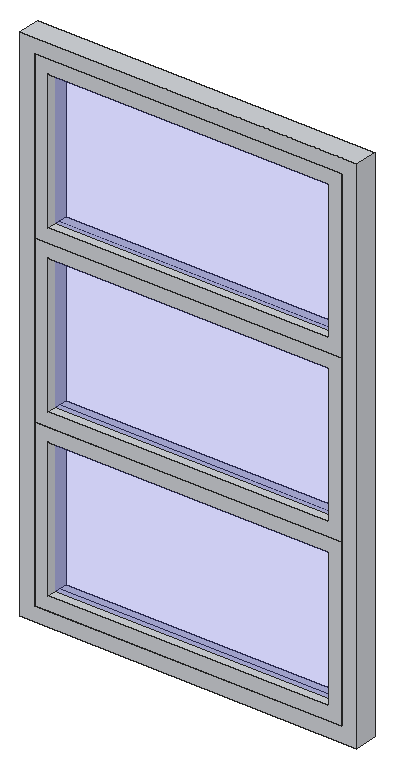
Revit family "Janela pivotante horizontal - 3 Painéis", category Janelas, Revit 2019
Family settings
  Hospedeiro = Parede
  Número OmniClass = 23.30.20.00
  Título OmniClass = Windows
  Sempre na vertical = Sim
  Corte com vazios quando carregada = Não
  Compartilhado = Não
  Ponto de cálculo do ambiente = Não
Parameters
  Visual Light Transmittance = 0.9
  Solar Heat Gain Coefficient = 0.78
  Rough Width = Width  # 900 mm
  Rough Height = Height  # 1400 mm
  Largura da moldura do painel = 35 mm
  ID do tipo de construção = ""
  Height = 1400 mm
  Coeficiente de transferência de calor (U) = 3.6886 W/(m²·K)
  Vidro = none
  Largura da estrutura = 40 mm
  Espessura da moldura = 60 mm
  Material da moldura = none
  Altura-padrão do peitoril = 650 mm
  Fechamento da parede = Por hospedeiro
  Width = 900 mm
  Construção analítica = Vidraça única Pilkington 1/8 pol
Reference planes
  plane 1 "Centro (Frente/Trás)": y = 0
  plane 2 "Centro (Esquerda/Direita)": x = 0
  plane 3 "Esquerda": x = -450
  plane 4 "Direita": x = 450
  plane 5 "Peitoril": z = 650
  plane 6 "Extremidade superior": z = 2050
  plane 7 "Exterior": y = 100
  plane 8 "Interior": y = -100
  plane 9: z = 0
  plane 10: x = 410
  plane 11: z = 2010
  plane 12: x = -410
  plane 13: z = 1350
  plane 14: z = 690
  plane 15: z = 1570
  plane 16: z = 1130
  plane 17: z = 1975
  plane 18: x = -375
  plane 19: z = 725
  plane 20: x = 375
  plane 21: z = 1605
  plane 22: z = 1535
  plane 23: z = 1165
  plane 24: z = 1095
  plane 25: z = 1790
  plane 26: z = 910
  plane 27: z = 2000
  plane 28: x = 400
  plane 29: x = -400
  plane 30: z = 699.758
  plane 31: z = 1066.667
  plane 32: z = 1533.333
  plane 33: z = 1633.333
  plane 34: z = 1583.333
  plane 35: z = 1116.667
  plane 36: z = 1166.667
  plane 37: z = 1816.667
  plane 38: z = 1523.486
  plane 39: z = 883.333
  plane 40 "Vidro": y = -70
  plane 41: y = -40
  plane 42: x = -415
  plane 43: x = 415
  plane 44: z = 2015
  plane 45: z = 1618.333
  plane 46: z = 1548.333
  plane 47: z = 685
  plane 48: z = 1151.667
  plane 49: z = 1081.667
Forms (mm)
  Extrusion 1, solid, material <- "Material da moldura", detail levels medium
    sketch origin (0, -100, 0) x (1, 0, 0) y (0, 0, -1)
      loop
        line (450, -2050) -> (450, -1583.333) -> (-450, -1583.333) -> (-450, -2050) -> (450, -2050)
      loop
        line (415, -1618.333) -> (-415, -1618.333) -> (-415, -2015) -> (415, -2015) -> (415, -1618.333)
    from 0 to 60
  Extrusion 2, solid, material <- "Vidro", detail levels medium
    sketch origin (-562.225, -70, 1800) x (-1, 0, 0) y (0, 0, -1)
      loop
        line (-147.225, 718.333) -> (-147.225, 1115) -> (-977.225, 1115) -> (-977.225, 718.333) -> (-147.225, 718.333)
      loop
        line (-977.225, 648.333) -> (-977.225, 251.667) -> (-147.225, 251.667) -> (-147.225, 648.333) -> (-977.225, 648.333)
      loop
        line (-977.225, 181.667) -> (-977.225, -215) -> (-147.225, -215) -> (-147.225, 181.667) -> (-977.225, 181.667)
    from -7 to 7
  Extrusion 3, solid, material <- "Material da moldura", detail levels fine
    sketch origin (0, 100, 0) x (1, 0, 0) y (0, 0, -1)
      loop
        line (-410, -2010) -> (410, -2010) -> (410, -1570) -> (-410, -1570) -> (-410, -2010)
      loop
        line (-375, -1975) -> (375, -1975) -> (375, -1605) -> (-375, -1605) -> (-375, -1975)
    from -200 to -140
  Extrusion 4, solid, material <- "Vidro", detail levels fine
    sketch origin (-562.225, -70, 1800) x (-1, 0, 0) y (0, 0, -1)
      loop
        line (-937.225, -175) -> (-187.225, -175) -> (-187.225, 195) -> (-937.225, 195) -> (-937.225, -175)
      loop
        line (-937.225, 265) -> (-187.225, 265) -> (-187.225, 635) -> (-937.225, 635) -> (-937.225, 265)
      loop
        line (-937.225, 705) -> (-187.225, 705) -> (-187.225, 1075) -> (-937.225, 1075) -> (-937.225, 705)
    from -7 to 7
  Extrusion 5, solid, material <- "Material da moldura", detail levels medium
    sketch origin (0, -100, 0) x (1, 0, 0) y (0, 0, -1)
      loop
        line (450, -1583.333) -> (450, -1116.667) -> (-450, -1116.667) -> (-450, -1583.333) -> (450, -1583.333)
      loop
        line (415, -1548.333) -> (415, -1151.667) -> (-415, -1151.667) -> (-415, -1548.333) -> (415, -1548.333)
    from 0 to 60
  Extrusion 6, solid, material <- "Material da moldura", detail levels fine
    sketch origin (0, 100, 0) x (1, 0, 0) y (0, 0, -1)
      loop
        line (-410, -1570) -> (410, -1570) -> (410, -1130) -> (-410, -1130) -> (-410, -1570)
      loop
        line (-375, -1535) -> (375, -1535) -> (375, -1165) -> (-375, -1165) -> (-375, -1535)
    from -200 to -140
  Extrusion 7, solid, material <- "Material da moldura", detail levels fine
    sketch origin (0, -100, 0) x (1, 0, 0) y (0, 0, -1)
      loop
        line (450, -2050) -> (450, -650) -> (-450, -650) -> (-450, -2050) -> (450, -2050)
      loop
        line (-410, -2010) -> (410, -2010) -> (410, -690) -> (-410, -690) -> (-410, -2010)
    from 0 to 60
  Extrusion 8, solid, material <- "Material da moldura", detail levels fine
    sketch origin (0, -100, 0) x (1, 0, 0) y (0, 0, -1)
      loop
        line (410, -1130) -> (410, -690) -> (-410, -690) -> (-410, -1130) -> (410, -1130)
      loop
        line (375, -1095) -> (375, -725) -> (-375, -725) -> (-375, -1095) -> (375, -1095)
    from 0 to 60
  Extrusion 9, solid, material <- "Material da moldura", detail levels medium
    sketch origin (0, -100, 0) x (1, 0, 0) y (0, 0, -1)
      loop
        line (450, -1116.667) -> (450, -650) -> (-450, -650) -> (-450, -1116.667) -> (450, -1116.667)
      loop
        line (415, -1081.667) -> (415, -685) -> (-415, -685) -> (-415, -1081.667) -> (415, -1081.667)
    from 0 to 60
  Extrusion 10, solid, material <- "Vidro", detail levels coarse
    sketch origin (-562.225, -70, 1800) x (-1, 0, 0) y (0, 0, -1)
      loop
        line (-147.225, 1115) -> (-977.225, 1115) -> (-977.225, 700.833) -> (-147.225, 700.833) -> (-147.225, 1115)
      loop
        line (-977.225, 234.167) -> (-147.225, 234.167) -> (-147.225, 665.833) -> (-977.225, 665.833) -> (-977.225, 234.167)
      loop
        line (-977.225, -215) -> (-147.225, -215) -> (-147.225, 199.167) -> (-977.225, 199.167) -> (-977.225, -215)
    from -7 to 7
  Extrusion 11, solid, material <- "Material da moldura", detail levels coarse
    sketch origin (0, 100, 0) x (1, 0, 0) y (0, 0, 1)
      loop
        line (450, 2050) -> (-450, 2050) -> (-450, 650) -> (450, 650) -> (450, 2050)
      loop
        line (-415, 2015) -> (-415, 1600.833) -> (415, 1600.833) -> (415, 2015) -> (-415, 2015)
      loop
        line (415, 685) -> (415, 1099.167) -> (-415, 1099.167) -> (-415, 685) -> (415, 685)
      loop
        line (415, 1565.833) -> (-415, 1565.833) -> (-415, 1134.167) -> (415, 1134.167) -> (415, 1565.833)
    from 140 to 200
Lines and regions (mm)
  Opening 1
    outline origin (3500, -100, 0) x (1, 0, 0) y (0, 0, 1)
      loop
        line (-3050, 650) -> (-3050, 2050) -> (-3950, 2050) -> (-3950, 650) -> (-3050, 650)
  symbolic lines, style "Giro da elevação", detail levels fine
    curve 1: line (0, 100, 2010) -> (410, 100, 1790)
    curve 2: line (410, 100, 1790) -> (0, 100, 1570)
    curve 3: line (0, 100, 1570) -> (-410, 100, 1790)
    curve 4: line (-410, 100, 1790) -> (0, 100, 2010)
    curve 5: line (0, 100, 1130) -> (410, 100, 1350)
    curve 6: line (410, 100, 1350) -> (0, 100, 1570)
    curve 7: line (0, 100, 1570) -> (-410, 100, 1350)
    curve 8: line (-410, 100, 1350) -> (0, 100, 1130)
    curve 9: line (0, 100, 1130) -> (410, 100, 910)
    curve 10: line (410, 100, 910) -> (0, 100, 690)
    curve 11: line (0, 100, 690) -> (-410, 100, 910)
    curve 12: line (-410, 100, 910) -> (0, 100, 1130)
  symbolic lines, style "Giro da elevação", detail levels coarse+medium
    curve 13: line (450, 100, 883.333) -> (0, 100, 1116.667)
    curve 14: line (-450, 100, 883.333) -> (0, 100, 1116.667)
    curve 15: line (450, 100, 883.333) -> (0, 100, 650)
    curve 16: line (-450, 100, 883.333) -> (0, 100, 650)
    curve 17: line (450, 100, 1350) -> (0, 100, 1116.667)
    curve 18: line (-450, 100, 1350) -> (0, 100, 1116.667)
    curve 19: line (450, 100, 1350) -> (0, 100, 1583.333)
    curve 20: line (-450, 100, 1350) -> (0, 100, 1583.333)
    curve 21: line (450, 100, 1816.667) -> (0, 100, 2050)
    curve 22: line (-450, 100, 1816.667) -> (0, 100, 2050)
    curve 23: line (450, 100, 1816.667) -> (0, 100, 1583.333)
    curve 24: line (-450, 100, 1816.667) -> (0, 100, 1583.333)
  symbolic lines, style "Giro da planta", detail levels coarse+medium
    curve 25: arc (450, -70, 1583.333) -> (450, 28.611, 1605.195) -> (450, 108.744, 1666.683) r 233.333
    curve 27: arc (450, -70, 1583.333) -> (450, -168.611, 1561.472) -> (450, -248.744, 1499.984) r 233.333
    curve 29: arc (450, -70, 1116.667) -> (450, 28.611, 1138.528) -> (450, 108.744, 1200.016) r 233.333
    curve 31: arc (450, -70, 650) -> (450, 28.611, 671.862) -> (450, 108.744, 733.35) r 233.333
    curve 33: arc (450, -70, 1116.667) -> (450, -168.611, 1094.805) -> (450, -248.744, 1033.317) r 233.333
    curve 36: arc (450, -70, 2050) -> (450, -168.611, 2028.138) -> (450, -248.744, 1966.65) r 233.333
  symbolic lines, style "Caixilho", detail levels coarse+medium
    curve 26: line (450, -70, 1816.667) -> (450, 108.744, 1666.683)
    curve 28: line (450, -70, 1350) -> (450, -248.744, 1499.984)
    curve 30: line (450, -70, 1350) -> (450, 108.744, 1200.016)
    curve 32: line (450, -70, 883.333) -> (450, 108.744, 733.35)
    curve 34: line (450, -70, 883.333) -> (450, -248.744, 1033.317)
    curve 35: line (450, -70, 1816.667) -> (450, -248.744, 1966.65)
  symbolic lines, style "Caixilho", detail levels fine
    curve 37: line (450, -70, 1790) -> (450, 98.53, 1648.587)
    curve 39: line (450, -70, 1790) -> (450, -238.53, 1931.413)
    curve 41: line (450, -70, 1350) -> (450, -238.53, 1491.413)
    curve 43: line (450, -70, 1350) -> (450, 98.53, 1208.587)
    curve 45: line (450, -70, 910) -> (450, 98.53, 768.587)
    curve 47: line (450, -70, 910) -> (450, -238.53, 1051.413)
  symbolic lines, style "Giro da planta", detail levels fine
    curve 38: arc (450, -70, 1570) -> (450, 22.976, 1590.612) -> (450, 98.53, 1648.587) r 220
    curve 40: arc (450, -70, 2010) -> (450, -162.976, 1989.388) -> (450, -238.53, 1931.413) r 220
    curve 42: arc (450, -70, 1570) -> (450, -162.976, 1549.388) -> (450, -238.53, 1491.413) r 220
    curve 44: arc (450, -70, 1130) -> (450, 22.976, 1150.612) -> (450, 98.53, 1208.587) r 220
    curve 46: arc (450, -70, 690) -> (450, 22.976, 710.612) -> (450, 98.53, 768.587) r 220
    curve 48: arc (450, -70, 1130) -> (450, -162.976, 1109.388) -> (450, -238.53, 1051.413) r 220
  symbolic lines, style "WindowsGlassProjection", detail levels coarse
    curve 49: line (-415, -70, 0) -> (415, -70, 0)
    curve 50: line (-450, -70, 2015) -> (-450, -70, 1618.333)
    curve 51: line (-450, -70, 1151.667) -> (-450, -70, 1548.333)
    curve 52: line (-450, -70, 1081.667) -> (-450, -70, 685)
Text (mm)
  text "EXTERIOR" at (-1963.203, 1332.353, 0), in view "Nível de referência"
  text "INTERIOR" at (-1981.466, -818.386, 0), in view "Nível de referência"
  text "Externo" at (0, 923.751, 2943.296), in view "Direita"
  text "Externo" at (0, 1040.484, 2685.409), in view "Esquerda"
Dimensions and locks
  equal spacing: plane 3 "Esquerda", plane 2 "Centro (Esquerda/Direita)", plane 4 "Direita"
  "Width": plane 3 "Esquerda" to plane 4 "Direita"
  "Height": plane 5 "Peitoril" to plane 6 "Extremidade superior"
  "Altura-padrão do peitoril": plane 5 "Peitoril" to level
  locked: plane 7 "Exterior" to host wall at 0
  locked: plane 8 "Interior" to host wall
  "Largura da estrutura": plane 10 to plane 4 "Direita"
  "Largura da moldura do painel": plane 20 to plane 10
  "Largura da moldura do painel": plane 18 to plane 12
  "Largura da estrutura": plane 12 to plane 3 "Esquerda"
  "Largura da estrutura": plane 11 to plane 6 "Extremidade superior"
  "Largura da estrutura": plane 5 "Peitoril" to plane 14
  "Largura da moldura do painel": plane 14 to plane 19
  equal spacing: plane 15, plane 25, plane 11
  equal spacing: plane 16, plane 13, plane 15
  equal spacing: plane 14, plane 26, plane 16
  equal spacing: plane 14, plane 16, plane 15, plane 11
  plane 28 to plane 4 "Direita" = 50 mm
  plane 3 "Esquerda" to plane 29 = 50 mm
  "Largura da moldura do painel": plane 17 to plane 11
  equal spacing: plane 22, plane 15, plane 21
  "Largura da moldura do painel": plane 15 to plane 21
  equal spacing: plane 24, plane 16, plane 23
  "Largura da moldura do painel": plane 16 to plane 23
  locked: plane 14 to plane 30 at 9.758
  locked: plane 27 to plane 11 at 10
  equal spacing: plane 5 "Peitoril", plane 35, plane 34, plane 6 "Extremidade superior"
  plane 31 to plane 35 = 50 mm
  plane 35 to plane 36 = 50 mm
  locked: plane 32 to plane 34 at 50
  locked: plane 34 to plane 33 at 50
  equal spacing: plane 34, plane 37, plane 6 "Extremidade superior"
  equal spacing: plane 5 "Peitoril", plane 39, plane 35
  "Espessura da moldura": plane 8 "Interior" to plane 41
  equal spacing: plane 8 "Interior", plane 40 "Vidro", plane 41
  "Largura da moldura do painel": plane 3 "Esquerda" to plane 42
  "Largura da moldura do painel": plane 43 to plane 4 "Direita"
  "Largura da moldura do painel": plane 44 to plane 6 "Extremidade superior"
  "Largura da moldura do painel": plane 34 to plane 45
  equal spacing: plane 46, plane 34, plane 45
  "Largura da moldura do painel": plane 5 "Peitoril" to plane 47
  "Largura da moldura do painel": plane 35 to plane 48
  equal spacing: plane 49, plane 35, plane 48
  equal spacing: Extrusion 11 sketch curve, Extrusion 5, Extrusion 11 sketch curve
  "Largura da moldura do painel": Extrusion 11 sketch curve to Extrusion 11 sketch curve  (x2)
  equal spacing: Extrusion 11 sketch curve, plane 35, Extrusion 11 sketch curve
  locked: plane 40 "Vidro" to curve 26 (angle 50.00°)
  locked: plane 40 "Vidro" to curve 35 (angle 50.00°)
  locked: plane 40 "Vidro" to curve 30 (angle 50.00°)
  locked: plane 40 "Vidro" to curve 28 (angle 50.00°)
  locked: plane 40 "Vidro" to curve 32 (angle 50.00°)
  locked: plane 40 "Vidro" to curve 34 (angle 50.00°)
  angle plane 40 "Vidro" to curve 37 = 50.00°
  locked: plane 40 "Vidro" to curve 39 (angle 50.00°)
  locked: plane 40 "Vidro" to curve 41 (angle 50.00°)
  locked: plane 40 "Vidro" to curve 43 (angle 50.00°)
  locked: plane 40 "Vidro" to curve 47 (angle 50.00°)
  locked: plane 40 "Vidro" to curve 45 (angle 50.00°)
  aligned and locked: level to plane 9
  aligned and locked: plane 40 "Vidro" to curve 26
  aligned and locked: plane 37 to curve 35
  aligned and locked: plane 25 to curve 37
  aligned and locked: plane 40 "Vidro" to curve 37
  aligned and locked: plane 40 "Vidro" to curve 49
  aligned and locked: curve 52 to plane 40 "Vidro"
  aligned and locked: plane 40 "Vidro" to curve 51
  aligned and locked: curve 50 to plane 40 "Vidro"
  aligned and locked: plane 8 "Interior" to Extrusion 7
  aligned and locked: Extrusion 1 to plane 41
  aligned and locked: plane 8 "Interior" to Extrusion 1
  aligned and locked: Extrusion 3 to plane 41
  aligned and locked: plane 8 "Interior" to Extrusion 3
  aligned and locked: Extrusion 5 to plane 41
  aligned and locked: plane 8 "Interior" to Extrusion 5
  aligned and locked: Extrusion 6 to plane 41
  aligned and locked: plane 8 "Interior" to Extrusion 6
  aligned and locked: Extrusion 8 to plane 41
  aligned and locked: Extrusion 9 to plane 41
  aligned and locked: Extrusion 7 to plane 41
  aligned and locked: plane 41 to Extrusion 1
  aligned and locked: plane 41 to Extrusion 5
  aligned and locked: plane 8 "Interior" to Extrusion 9
  aligned and locked: Extrusion 5 sketch curve to plane 43
  aligned and locked: plane 42 to Extrusion 5 sketch curve
  aligned and locked: Extrusion 9 sketch curve to plane 43
  aligned and locked: plane 42 to Extrusion 9 sketch curve
  aligned and locked: plane 41 to Extrusion 6
  aligned and locked: plane 8 "Interior" to Extrusion 8
  aligned and locked: plane 41 to Extrusion 8
  aligned and locked: Extrusion 8 to plane 8 "Interior"
  aligned and locked: plane 45 to Extrusion 1 sketch curve
  aligned and locked: Extrusion 1 sketch curve to plane 44
  aligned and locked: Extrusion 5 sketch curve to plane 34
  aligned and locked: plane 46 to Extrusion 5 sketch curve
  aligned and locked: plane 35 to Extrusion 5 sketch curve
  aligned and locked: Extrusion 5 sketch curve to plane 48
  aligned and locked: plane 49 to Extrusion 9 sketch curve
  aligned and locked: Extrusion 9 sketch curve to plane 35
  aligned and locked: Extrusion 9 sketch curve to plane 5 "Peitoril"
  aligned and locked: Extrusion 9 sketch curve to plane 47
  aligned and locked: curve 49 to Extrusion 5
  aligned and locked: Extrusion 1 to curve 49
  aligned and locked: Extrusion 2 to Extrusion 5
  aligned and locked: plane 43 to Extrusion 2 sketch curve  (x2)
  aligned and locked: Extrusion 2 sketch curve to Extrusion 9  (x2)
  aligned and locked: Extrusion 2 sketch curve to plane 42  (x3)
  aligned and locked: Extrusion 2 sketch curve to plane 47
  aligned and locked: plane 44 to Extrusion 2 sketch curve
  aligned and locked: plane 43 to Extrusion 10 sketch curve  (x3)
  aligned and locked: plane 44 to Extrusion 10 sketch curve
  aligned and locked: Extrusion 10 sketch curve to plane 42  (x3)
  aligned and locked: Extrusion 10 sketch curve to plane 47
  aligned and locked: plane 44 to curve 50
  aligned and locked: plane 47 to curve 52
  aligned and locked: curve 51 to Extrusion 5
  aligned and locked: Extrusion 5 to curve 51
  aligned and locked: curve 50 to Extrusion 1
  aligned and locked: Extrusion 9 to curve 52
  aligned and locked: plane 42 to Extrusion 1 sketch curve
  aligned and locked: Extrusion 11 sketch curve to Extrusion 1  (x5)
  aligned and locked: Extrusion 11 sketch curve to Extrusion 9  (x4)
  aligned and locked: Extrusion 11 sketch curve to Extrusion 5  (x2)
  aligned and locked: Extrusion 11 to plane 41
  aligned and locked: host wall to Extrusion 11
  aligned and locked: Extrusion 10 sketch curve to Extrusion 11  (x4)
  aligned and locked: Extrusion 1 sketch curve to plane 43
  aligned and locked: Extrusion 2 sketch curve to Extrusion 1
  aligned and locked: Extrusion 2 sketch curve to Extrusion 5  (x2)
  aligned and locked: Extrusion 11 sketch curve to plane 43
Automatic sketch dimensions
  plane 3 "Esquerda" to Opening 1 sketch curve = 0 mm
  plane 4 "Direita" to Opening 1 sketch curve = 0 mm
  Opening 1 sketch curve to plane 5 "Peitoril" = 0 mm
  Opening 1 sketch curve to plane 6 "Extremidade superior" = 0 mm
  plane 3 "Esquerda" to curve 18 = 0 mm
  plane 3 "Esquerda" to curve 24 = 0 mm
  plane 3 "Esquerda" to curve 14 = 0 mm
  curve 4 to plane 12 = 0 mm
  curve 11 to plane 12 = 0 mm
  curve 8 to plane 12 = 0 mm
  plane 2 "Centro (Esquerda/Direita)" to curve 7 = 0 mm
  plane 2 "Centro (Esquerda/Direita)" to curve 22 = 0 mm
  plane 2 "Centro (Esquerda/Direita)" to curve 5 = 0 mm
  plane 2 "Centro (Esquerda/Direita)" to curve 20 = 0 mm
  plane 2 "Centro (Esquerda/Direita)" to curve 10 = 0 mm
  plane 2 "Centro (Esquerda/Direita)" to curve 4 = 0 mm
  plane 2 "Centro (Esquerda/Direita)" to curve 13 = 0 mm
  plane 2 "Centro (Esquerda/Direita)" to curve 15 = 0 mm
  plane 10 to curve 6 = 0 mm
  plane 10 to curve 2 = 0 mm
  plane 10 to curve 10 = 0 mm
  plane 4 "Direita" to curve 15 = 0 mm
  plane 4 "Direita" to curve 23 = 0 mm
  plane 4 "Direita" to curve 17 = 0 mm
  curve 16 to plane 5 "Peitoril" = 0 mm
  curve 11 to plane 14 = 0 mm
  curve 14 to plane 39 = 0 mm
  curve 15 to plane 39 = 0 mm
  curve 12 to plane 26 = 0 mm
  curve 10 to plane 26 = 0 mm
  curve 18 to plane 35 = 0 mm
  curve 8 to plane 16 = 0 mm
  curve 19 to plane 13 = 0 mm
  curve 18 to plane 13 = 0 mm
  curve 8 to plane 13 = 0 mm
  curve 6 to plane 13 = 0 mm
  curve 2 to plane 15 = 0 mm
  curve 20 to plane 34 = 0 mm
  curve 4 to plane 25 = 0 mm
  curve 2 to plane 25 = 0 mm
  curve 24 to plane 37 = 0 mm
  curve 21 to plane 37 = 0 mm
  curve 4 to plane 11 = 0 mm
  curve 21 to plane 6 "Extremidade superior" = 0 mm
  plane 3 "Esquerda" to Extrusion 1 sketch curve = 0 mm
  plane 4 "Direita" to Extrusion 1 sketch curve = 0 mm
  Extrusion 1 sketch curve to plane 6 "Extremidade superior" = 0 mm
  Extrusion 1 sketch curve to plane 34 = 0 mm
  Extrusion 3 sketch curve to plane 12 = 0 mm
  Extrusion 3 sketch curve to plane 17 = 0 mm
  Extrusion 3 sketch curve to plane 18 = 0 mm
  plane 20 to Extrusion 3 sketch curve = 0 mm
  plane 10 to Extrusion 3 sketch curve = 0 mm
  Extrusion 3 sketch curve to plane 11 = 0 mm
  Extrusion 3 sketch curve to plane 21 = 0 mm
  Extrusion 3 sketch curve to plane 15 = 0 mm
  plane 3 "Esquerda" to Extrusion 5 sketch curve = 0 mm
  plane 4 "Direita" to Extrusion 5 sketch curve = 0 mm
  Extrusion 6 sketch curve to plane 12 = 0 mm
  Extrusion 6 sketch curve to plane 18 = 0 mm
  plane 20 to Extrusion 6 sketch curve = 0 mm
  plane 10 to Extrusion 6 sketch curve = 0 mm
  Extrusion 6 sketch curve to plane 15 = 0 mm
  Extrusion 6 sketch curve to plane 22 = 0 mm
  Extrusion 6 sketch curve to plane 23 = 0 mm
  Extrusion 6 sketch curve to plane 16 = 0 mm
  plane 3 "Esquerda" to Extrusion 7 sketch curve = 0 mm
  Extrusion 7 sketch curve to plane 12 = 0 mm
  plane 10 to Extrusion 7 sketch curve = 0 mm
  plane 4 "Direita" to Extrusion 7 sketch curve = 0 mm
  Extrusion 7 sketch curve to plane 6 "Extremidade superior" = 0 mm
  Extrusion 7 sketch curve to plane 11 = 0 mm
  Extrusion 7 sketch curve to plane 14 = 0 mm
  Extrusion 7 sketch curve to plane 5 "Peitoril" = 0 mm
  Extrusion 8 sketch curve to plane 12 = 0 mm
  Extrusion 8 sketch curve to plane 18 = 0 mm
  plane 20 to Extrusion 8 sketch curve = 0 mm
  plane 10 to Extrusion 8 sketch curve = 0 mm
  Extrusion 8 sketch curve to plane 16 = 0 mm
  Extrusion 8 sketch curve to plane 24 = 0 mm
  Extrusion 8 sketch curve to plane 19 = 0 mm
  Extrusion 8 sketch curve to plane 14 = 0 mm
  plane 3 "Esquerda" to Extrusion 9 sketch curve = 0 mm
  plane 4 "Direita" to Extrusion 9 sketch curve = 0 mm
  Extrusion 4 sketch curve to plane 17 = 0 mm
  plane 20 to Extrusion 4 sketch curve = 0 mm  (x3)
  Extrusion 4 sketch curve to plane 18 = 0 mm  (x3)
  Extrusion 4 sketch curve to plane 19 = 0 mm
  Extrusion 4 sketch curve to plane 24 = 0 mm
  Extrusion 4 sketch curve to plane 23 = 0 mm
  Extrusion 4 sketch curve to plane 22 = 0 mm
  Extrusion 4 sketch curve to plane 21 = 0 mm
  curve 25 to curve 36 = 0 mm  (x2)
  curve 27 to curve 29 = 0 mm  (x2)
  curve 27 to curve 42 = 0 mm  (x2)
  curve 27 to curve 44 = 0 mm
  curve 31 to curve 33 = 0 mm  (x2)
  curve 38 to curve 40 = 0 mm  (x2)
  curve 42 to curve 44 = 0 mm
  curve 46 to curve 48 = 0 mm  (x2)
  curve 29 to plane 35 = 0 mm
  curve 29 to plane 40 "Vidro" = 0 mm
  curve 30 to plane 13 = 0 mm
  curve 30 to plane 40 "Vidro" = 0 mm
  curve 32 to plane 39 = 0 mm
  curve 32 to plane 40 "Vidro" = 0 mm
  curve 47 to plane 26 = 0 mm
  curve 47 to plane 40 "Vidro" = 0 mm
  plane 5 "Peitoril" to curve 31 = 0 mm
  curve 46 to plane 14 = 0 mm
  curve 33 to plane 39 = 0 mm
  curve 46 to plane 26 = 0 mm
  curve 33 to plane 35 = 0 mm
  curve 44 to plane 16 = 0 mm
  curve 48 to plane 16 = 0 mm
  curve 42 to plane 13 = 0 mm
  curve 38 to plane 15 = 0 mm
  curve 42 to plane 15 = 0 mm
  curve 27 to plane 34 = 0 mm
  curve 25 to plane 34 = 0 mm
  curve 38 to plane 25 = 0 mm
  curve 36 to plane 37 = 0 mm
  plane 11 to curve 40 = 0 mm
  plane 6 "Extremidade superior" to curve 36 = 0 mm
